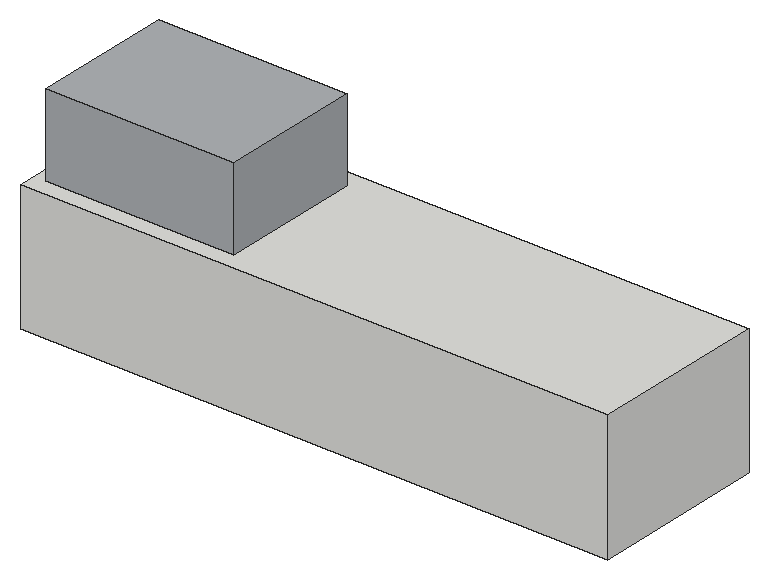
Revit family "LD_Packaging Line", category Mechanical Equipment, Revit 2025
Family settings
  Round Connector Dimension = Use Diameter
  Part Type = Normal
  OmniClass Number = 23.75.00.00
  OmniClass Title = Climate Control (HVAC)
  Work Plane-Based = No
  Always vertical = Yes
  Cut with Voids When Loaded = No
  Maintain Annotation Orientation = No
  Shared = No
  Room Calculation Point = No
Parameters (values of type "22 kW")
  EL Voltage [instance] = 400 V
  EL Number of Poles [instance] = 3
  EL Apparent Load [instance] = 25900 VA
  Default Elevation = 0 mm
Reference planes
  plane 1 "Center (Front/Back)": y = 0
  plane 2: z = 0
  plane 3 "Center (Left/Right)": x = 0
Forms (mm)
  Extrusion 1, solid, material "Machine White"
    sketch origin (0, 0, 0) x (1, 0, 0) y (0, 1, 0)
      loop
        line (-2500, -750) -> (2500, -750) -> (2500, 750) -> (-2500, 750) -> (-2500, -750)
    from 0 to 1100
  Extrusion 2, solid, material "Machine Steel"
    sketch origin (0, 0, 1100) x (1, 0, 0) y (0, 1, 0)
      loop
        line (-2400, -600) -> (-800, -600) -> (-800, 600) -> (-2400, 600) -> (-2400, -600)
    from 0 to 700
Dimensions and locks
  aligned and locked: level to plane 2
Connectors
  electrical at (0, 0, 1100), driven by "EL Voltage", driven by "EL Number of Poles", driven by "EL Apparent Load"
    settings: on Extrusion 1, index 1, voltage 400 V, apparent load 25900 VA, apparent load phase1 0 VA, apparent load phase2 0 VA, apparent load phase3 0 VA, power factor 0.85, load classification "Other", number of poles 3, system type 30, power factor state 1, is connector primary yes, connector utility no, sub classification motor no, connector description ""
